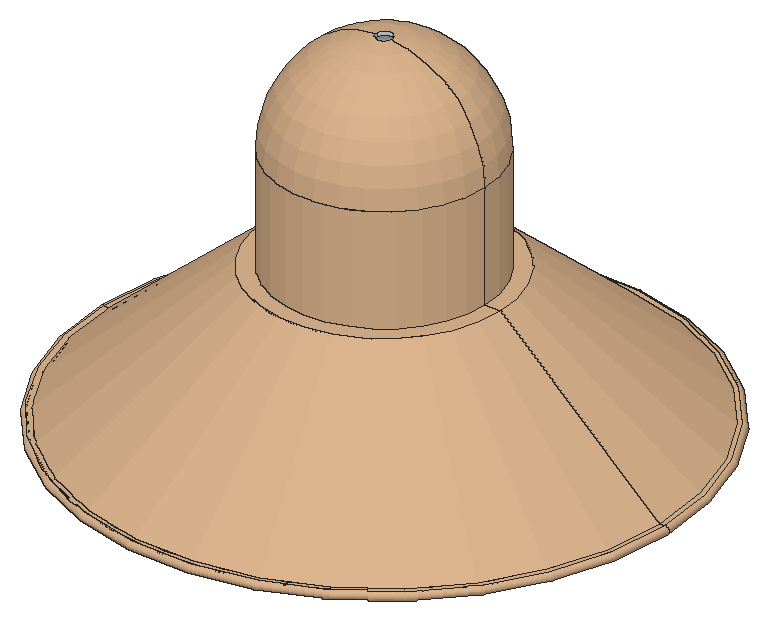
Revit family "SBC18 SHADE", category Lighting Fixtures, Revit 2024
Family settings
  Round Connector Dimension = Use Diameter
  Part Type = Normal
  OmniClass Number = 23.80.70.00
  OmniClass Title = Lighting
  Work Plane-Based = No
  Always vertical = Yes
  Cut with Voids When Loaded = No
  Light Source = Yes
  Maintain Annotation Orientation = No
  Shared = No
  Room Calculation Point = No
Parameters
  Wattage = 12.1178 W
  built-in parameter 1150110 = 1 (stored number, unit not read)
  built-in parameter 1114217 = 1 (stored number, unit not read)
  built-in parameter 1150109 = 1 (stored number, unit not read)
  built-in parameter 1150134 = (empty or 0)
  built-in parameter 1150113 = 1 (stored number, unit not read)
  Lumens = 1800 lm
  built-in parameter 1150115 = 1 (stored number, unit not read)
  built-in parameter 1150105 = 572.96 (stored number, unit not read)
  Light Source Symbol Size = 2' - 0"
  built-in parameter 1150137 = (empty or 0)
  built-in parameter 1150139 = (empty or 0)
  built-in parameter 1150112 = 1 (stored number, unit not read)
  built-in parameter 1150114 = 1 (stored number, unit not read)
  built-in parameter 1150132 = 2
  built-in parameter 1150102 = (empty or 0)
  built-in parameter 1150138 = (empty or 0)
  built-in parameter 1150107 = 3000 (stored number, unit not read)
  built-in parameter 1150106 = 5.7296 (stored number, unit not read)
  built-in parameter 1150104 = 13.8 (stored number, unit not read)
  Dimming Lamp Color Temperature Shift = (empty or 0)
  Default Elevation = 0' - 0"
  Color Filter = 16777215
  built-in parameter 1114218 = 1 (stored number, unit not read)
  built-in parameter 1150133 = 10 (stored number, unit not read)
Reference planes (in)
  plane 1 "Light Source Axis (F/B)": y = 0
  plane 2: z = 0
  plane 3 "Light Source Axis (L/R)": x = 0
  plane 4 "Light Source Elevation": z = 54
Forms (in)
  Revolve 1, solid
    sketch origin (0, 0, 0) x (1, 0, 0) y (0, 0, 1)
      loop
        line (-8.75185, 54.10356) -> (-3.65323, 58.40625) -> (-3.09375, 58.40625) -> (-3.09375, 61.8125)
        arc (-3.09375, 61.8125) -> (-2.27428, 63.90986) -> (-0.25, 64.89613) r 3.09375
        line (-0.25, 64.89613) -> (-0.25, 64.99018)
        arc (-0.25, 64.99018) -> (-2.34062, 63.97621) -> (-3.1875, 61.8125) r 3.1875
        line (-3.1875, 61.8125) -> (-3.1875, 58.5) -> (-3.6875, 58.5) -> (-8.72369, 54.25) -> (-8.875, 54.25)
        arc (-8.875, 54.25) -> (-8.97067, 54.04455) -> (-8.75185, 54.10356) r 0.125
      axis (0, 64.99018) -> (0, 54.10356)
    angle from 0 to 360
Dimensions and locks (in)
  aligned and locked: plane 3 "Light Source Axis (L/R)" to imposter light
  aligned and locked: plane 1 "Light Source Axis (F/B)" to imposter light
  aligned and locked: plane 4 "Light Source Elevation" to imposter light
  aligned and locked: level to plane 2
